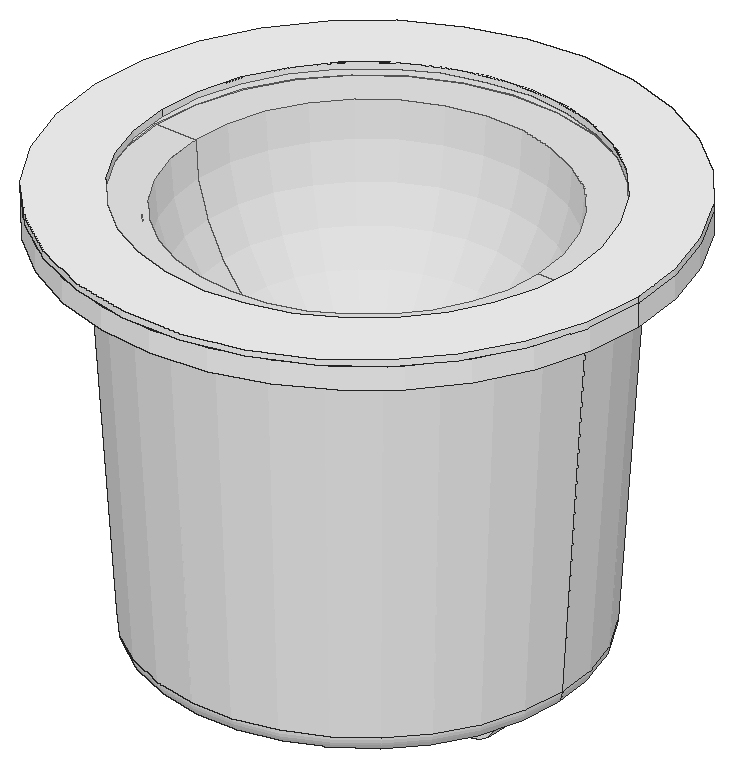
Revit family "2058857 Feilo Sylvania Lighting Fixture MYRD IP ST 2-7K DALI WHT WBEZ", category Lighting Fixtures, host Face, Revit 2017
Family settings
  Host = Face
  Round Connector Dimension = Use Diameter
  Part Type = Normal
  OmniClass Number = 23.80.70.11.17
  OmniClass Title = Specialized Lighting by Location or Use
  Cut with Voids When Loaded = No
  Light Source = Yes
  Shared = No
  Room Calculation Point = No
Parameters
  Weight = "0.44 kg"
  Wattage = 15 W
  WarrantyStartDate [instance] = "n/a"
  WarrantyGuarantorParts = "n/a"
  WarrantyDurationUnit = "n/a"
  WarrantyDurationParts = "n/a"
  WarrantyDescription = "n/a"
  built-in parameter 1150110 = 1 (stored number, unit not read)
  Voltage = 230 V
  URL = "http://www.sylvania-lighting.com"
  TypeName = "MYRD IP ST 2.7K DALI WHT WBEZ"
  Type Image = 0
  Type Comments = ""
  built-in parameter 1114217 = 1 (stored number, unit not read)
  Tilt Angle = -90°
  built-in parameter 1150109 = 1 (stored number, unit not read)
  built-in parameter 1150134 = (empty or 0)
  built-in parameter 1150113 = 1 (stored number, unit not read)
  SerialNumber [instance] = "n/a"
  Reflector Radius = Cutout Diameter / 2 - 2.5 mm  # 35.0 mm
  Reflector Material = Aluminum_Sylvania_Myriad_Bright
  Recessed Depth = Height  # 72.0 mm
  PowerFactor = 0
  PowerConsumption = "15 W"
  Photometric Web File = "2058857.ies"
  NominalWidth = 0.0 mm
  NominalLength = 76.0 mm
  NominalHeight = 72.0 mm
  Name = "MYRD IP ST 2.7K DALI WHT WBEZ"
  ModelReference = "MYRD IP ST 2.7K DALI WHT WBEZ"
  ModelNumber = "2058857"
  Material = "Aluminium"
  ManufacturerName = "Feilo Sylvania"
  LuminousEfficacy = "70 lm/W"
  LuminaireType = "Ceiling recessed"
  LightOutputRatio = "1"
  LampsType = Lamp  # "LED"
  LampNominalLuminous = "1046 lm"
  LampMacAdamStep = "n/a"
  LampColourTemperature = "2700 K"
  LampColourRenderingIndex = "n/a"
  Keynote = "16500"
  Keynote_2 = "16500"
  InstallationDate [instance] = "n/a"
  InputVoltage = "230-240V~"
  InputNominalFrequency = "50/60 Hz"
  IngressProtection = "IP65"
  ImpactProtectionIndex = "IK02"
  IfcExportType = "IfcLightFixtureType"
  IfcExportAs = "IfcLightFixtureType"
  Height = 72.0 mm  # constant formula
  ExpectedLife = 50000
  Emit from Circle Diameter = Accessory Inner Diameter 2  # 68.0 mm
  Emit Shape Visible in Rendering = no
  ElectricShockClassification = "Class II"
  DurationUnit = "hours"
  DocumentationLiterature = "http://www.sylvania-lighting.com/product/en-int/products/2058857"
  DimmingControlOptions = "Dimmable"
  Diffuser Material = Glass_Sylvania_Myriad_Clear_4000K
  Diffuser Diameter = Cutout Diameter  # 75.0 mm
  Cutout Diameter = 75.0 mm  # constant formula
  CreatedOn = "03-11-2017"
  CreatedBy = ""
  Cost = 0
  built-in parameter 1114216 [instance] = 1 (stored number, unit not read)
  Model = "MYRD IP ST 2.7K DALI WHT WBEZ"
  Manufacturer = "Feilo Sylvania"  # constant formula
  built-in parameter 1150105 = 83.556 (stored number, unit not read)
  Lumens = 1050 lm
  built-in parameter 1150115 = 1 (stored number, unit not read)
  built-in parameter 1150137 = (empty or 0)
  built-in parameter 1150139 = (empty or 0)
  built-in parameter 1150112 = 1 (stored number, unit not read)
  built-in parameter 1150114 = 1 (stored number, unit not read)
  Lamp = "LED"
  built-in parameter 1150132 = (empty or 0)
  built-in parameter 1150102 = (empty or 0)
  built-in parameter 1150107 = 2700 (stored number, unit not read)
  built-in parameter 1150138 = (empty or 0)
  built-in parameter 1150106 = 0.83556 (stored number, unit not read)
  built-in parameter 1150104 = 6.5032 (stored number, unit not read)
  Dimming Lamp Color Temperature Shift = (empty or 0)
  Description = "Supplied complete with electronic control gear Compact Fluorescent low energy downlight Emergency version passes through the cut out Ideal for low level orientation lighting New range of Architectural accessories each providing a different lit dimension New completely flush plaster up accessory ring for clean ceiling lines and smooth finish Order lamp separately"  # constant formula
  Default Elevation = 0.0 mm
  Color Filter = 16777215
  built-in parameter 1140040 [instance] = 1
  Body Radius = Reflector Radius + 1.5 mm  # 36.5 mm
  Body Material = Aluminum_Sylvania_Myriad_Gray
  BarCode [instance] = "n/a"
  built-in parameter 1114218 = 1 (stored number, unit not read)
  built-in parameter 1150133 = 10 (stored number, unit not read)
  AssetType = "Fixed"
  AssetIdentifier [instance] = "n/a"
  Assembly Code = "D5020200"
  Apparent Load = 15 VA
  Accessory Material = Aluminum_Sylvania_Myriad_White
  Accessory Inner Diameter 2 = Accessory Diameter - 22.0 mm  # 68.0 mm
  Accessory Inner Diameter 1 = Accessory Diameter - 2.0 mm  # 88.0 mm
  Accessory Diameter = Cutout Diameter + 15.0 mm  # 90.0 mm
Reference planes
  plane 1 "Center (Front/Back)": y = 0
  plane 2: z = 0
  plane 3 "Center (Left/Right)": x = 0
  plane 4: z = 2
  plane 5 "Fixture Bottom": z = 4.5
  plane 6: z = -28.5
  plane 7: z = -61.5
  plane 8 "Fixture Top": z = -67.5
  plane 9: z = 3.5
Forms (mm)
  Revolve 1, solid, material "Aluminum_Sylvania_Myriad_Bright" <- "Reflector Material", detail levels fine
    sketch origin (0, 0, 0) x (1, 0, 0) y (0, 0, 1)
      loop
        line (0, -27.515) -> (-6, -27.515)
        arc (-6, -27.515) -> (-22.333, -16.632) -> (-28.5, 2) r 30.135
        line (-28.5, 2) -> (-35, 2) -> (-35, 0) -> (-29.184, 0)
        arc (-29.184, 0) -> (-22.423, -18.18) -> (-6, -28.5) r 30.204
        line (-6, -28.5) -> (0, -28.5) -> (0, -27.515)
      axis (0, -28.5) -> (0, 2)
    angle from 0 to 360
  Revolve 2, solid, material "Aluminum_Sylvania_Myriad_Gray" <- "Body Material", detail levels fine
    sketch origin (0, 0, 0) x (1, 0, 0) y (0, 0, 1)
      loop
        line (-44, 2) -> (-44, 0) -> (-36.5, 0) -> (-32.42, -58.708)
        arc (-32.42, -58.708) -> (-31.474, -60.694) -> (-29.428, -61.5) r 3
        line (-29.428, -61.5) -> (0, -61.5) -> (0, -28.5) -> (-6, -28.5)
        arc (-6, -28.5) -> (-22.423, -18.18) -> (-29.184, 0) r 30.204
        line (-29.184, 0) -> (-35, 0) -> (-35, 2) -> (-44, 2)
      axis (0, 2) -> (0, -61.5)
    angle from 0 to 360
  Extrusion 3, solid, material "Aluminum_Sylvania_Myriad_Gray" <- "Body Material", detail levels fine
    sketch origin (0, 0, 0) x (1, 0, 0) y (0, 0, 1)
      loop
        line (-13.5, -67.5) -> (21, -67.5)
        arc (21, -67.5) -> (23.828, -66.328) -> (25, -63.5) r 4
        line (25, -63.5) -> (25, -61.5) -> (-17.5, -61.5) -> (-17.5, -63.5)
        arc (-17.5, -63.5) -> (-16.328, -66.328) -> (-13.5, -67.5) r 4
    from -4.5 to 4.5
  Extrusion 4, solid, material "Aluminum_Sylvania_Myriad_White" <- "Accessory Material", detail levels fine
    sketch origin (0, 0, 0) x (1, 0, 0) y (0, 1, 0)
      loop
        circle (0, 0) r 45
      loop
        circle (0, 0) r 44
    from 0 to 3.5
  Extrusion 5, solid, material "Aluminum_Sylvania_Myriad_White" <- "Accessory Material", detail levels fine
    sketch origin (0, 0, 0) x (1, 0, 0) y (0, 1, 0)
      loop
        circle (0, 0) r 45
      loop
        circle (0, 0) r 34
    from 3.5 to 4.5
  Extrusion 6, solid, material "Aluminum_Sylvania_Myriad_White" <- "Accessory Material", detail levels coarse+medium
    sketch origin (0, 0, 0) x (1, 0, 0) y (0, 1, 0)
      loop
        circle (0, 0) r 45
    from 0 to 4.5
  Revolve 7, solid, detail levels coarse+medium
    sketch origin (0, 0, 0) x (1, 0, 0) y (0, 0, 1)
      loop
        line (36.5, 0) -> (0, 0) -> (0, -61.5) -> (32.226, -61.5) -> (36.5, 0)
      axis (0, 0) -> (0, -61.5)
    angle from 0 to 360
  Extrusion 8, void
    sketch origin (0, 0, 0) x (1, 0, 0) y (0, 1, 0)
      loop
        circle (0, 0) r 37.5
    from -67.5 to 0
  Extrusion 9, solid, material "Glass_Sylvania_Myriad_Clear_4000K" <- "Diffuser Material", detail levels fine
    sketch origin (0, 0, 0) x (1, 0, 0) y (0, 1, 0)
      loop
        circle (0, 0) r 37.5
    from 2 to 3.5
Cuts and joins
  joined: Extrusion 4, Extrusion 5
Lines and regions (mm)
  Masking region 1
    outline origin (0, 0, 0) x (1, 0, 0) y (0, 1, 0)
      loop
        circle (0, 0) r 45
  symbolic lines
    curve 1: arc (-34, 0, 0) -> (0, 34, 0) -> (34, 0, 0) r 34
    curve 2: arc (34, 0, 0) -> (0, -34, 0) -> (-34, 0, 0) r 34
Dimensions and locks
  locked: plane 7 to plane 8 "Fixture Top" at 6
  "Body Radius": Revolve 7 sketch curve to plane 3 "Center (Left/Right)"
  locked: Revolve 7 sketch curve to Revolve 7 sketch curve at 4.274
  plane 5 "Fixture Bottom" to plane 9 to plane 4 to plane 2 to plane 6 = 1.0 mm locked, 1.5 mm locked, 2.0 mm locked, 28.5 mm locked
  "Reflector Radius": Revolve 1 sketch curve to plane 3 "Center (Left/Right)"
  Revolve 1 sketch curve to Revolve 1 sketch curve to Revolve 1 sketch curve to Revolve 1 sketch curve = 6.5 mm locked, 22.5 mm locked, 0.0 mm locked
  "Reflector Radius": plane 3 "Center (Left/Right)" to Revolve 2 sketch curve
  Revolve 2 sketch curve to Revolve 2 sketch curve to Revolve 2 sketch curve = 7.5 mm locked, 1.5 mm locked
  Revolve 2 sketch curve to Revolve 2 sketch curve to Revolve 2 sketch curve = 5.816 mm locked, 23.184 mm locked
  Revolve 2 sketch curve to Revolve 2 sketch curve to Revolve 2 sketch curve = 2.58 mm locked, 2.993 mm locked
  "Accessory Diameter": diameter of Extrusion 4 sketch curve
  "Accessory Inner Diameter 1": diameter of Extrusion 4 sketch curve
  "Accessory Diameter": diameter of Extrusion 5 sketch curve
  "Accessory Diameter": diameter of Extrusion 6 sketch curve
  "Cutout Diameter": diameter of Extrusion 8 sketch curve
  "Accessory Inner Diameter 2": diameter of Extrusion 5 sketch curve
  "Diffuser Diameter": diameter of Extrusion 9 sketch curve
  aligned and locked: plane 2 to host face
  aligned and locked: level to host face
  aligned and locked: plane 1 "Center (Front/Back)" to imposter light
  aligned and locked: plane 3 "Center (Left/Right)" to imposter light
  aligned and locked: Revolve 1 sketch curve to imposter light
  aligned and locked: Extrusion 3 sketch curve to plane 8 "Fixture Top"
  aligned and locked: plane 7 to Extrusion 3 sketch curve
  aligned and locked: Extrusion 4 to plane 2
  aligned and locked: plane 9 to Extrusion 4
  aligned and locked: Extrusion 5 to plane 9
  aligned and locked: plane 5 "Fixture Bottom" to Extrusion 5
  aligned and locked: Extrusion 6 to plane 2
  aligned and locked: plane 5 "Fixture Bottom" to Extrusion 6
  aligned and locked: Extrusion 8 to plane 8 "Fixture Top"
  aligned and locked: plane 2 to Extrusion 8
  aligned and locked: Masking region 1 sketch curve to Extrusion 6  (x2)
  aligned and locked: Extrusion 9 to plane 4
  aligned and locked: plane 9 to Extrusion 9
  aligned and locked: plane 4 to Revolve 2 sketch curve
  aligned and locked: Revolve 2 sketch curve to plane 2
  aligned and locked: curve 1 to cut or joined group of Extrusion 4, Extrusion 5
  aligned and locked: curve 2 to cut or joined group of Extrusion 4, Extrusion 5
  aligned and locked: imposter light to plane 5 "Fixture Bottom"
Automatic sketch dimensions
  host sketch curve to host sketch curve = 1305.563 mm
  host sketch curve to host sketch curve = 1283.632 mm
  Extrusion 3 sketch curve to plane 7 = 2.0 mm
  Extrusion 3 sketch curve to plane 3 "Center (Left/Right)" = 13.5 mm
  plane 3 "Center (Left/Right)" to Extrusion 3 sketch curve = 21.0 mm
  Extrusion 3 sketch curve to Extrusion 3 sketch curve = 4.0 mm
  Revolve 1 sketch curve to level = 0.0 mm
  Revolve 1 sketch curve to plane 3 "Center (Left/Right)" = 0.0 mm
  Revolve 1 sketch curve to plane 6 = 0.0 mm
  Revolve 1 sketch curve to plane 4 = 0.0 mm
  Revolve 1 sketch curve to Revolve 1 sketch curve = 0.684 mm
  level to Revolve 1 sketch curve = 0.88 mm
  Revolve 1 sketch curve to plane 4 = 0.363 mm
  Revolve 1 sketch curve to Revolve 1 sketch curve = 0.625 mm
  Revolve 1 sketch curve to plane 8 "Fixture Top" = 232.8 mm
  plane 5 "Fixture Bottom" to Revolve 1 sketch curve = 291.243 mm
  Revolve 2 sketch curve to plane 3 "Center (Left/Right)" = 0.0 mm  (x2)
  Revolve 2 sketch curve to plane 7 = 0.0 mm
  Revolve 2 sketch curve to plane 6 = 0.0 mm
  Revolve 2 sketch curve to level = 0.0 mm
  level to Revolve 2 sketch curve = 0.88 mm
  plane 7 to Revolve 2 sketch curve = 2.792 mm
  Revolve 2 sketch curve to plane 8 "Fixture Top" = 304.774 mm
  plane 5 "Fixture Bottom" to Revolve 2 sketch curve = 1137.105 mm
  Extrusion 4 sketch curve to Extrusion 4 sketch curve = 0.0 mm  (x2)
  plane 1 "Center (Front/Back)" to Extrusion 4 sketch curve = 0.0 mm
  Extrusion 4 sketch curve to plane 3 "Center (Left/Right)" = 0.0 mm
  Extrusion 5 sketch curve to Extrusion 5 sketch curve = 0.0 mm  (x2)
  plane 1 "Center (Front/Back)" to Extrusion 5 sketch curve = 0.0 mm
  Extrusion 5 sketch curve to plane 3 "Center (Left/Right)" = 0.0 mm
  plane 1 "Center (Front/Back)" to Extrusion 6 sketch curve = 0.0 mm
  Extrusion 6 sketch curve to plane 3 "Center (Left/Right)" = 0.0 mm
  Revolve 7 sketch curve to level = 0.0 mm
  Revolve 7 sketch curve to plane 3 "Center (Left/Right)" = 0.0 mm  (x2)
  Revolve 7 sketch curve to plane 7 = 0.0 mm
  Revolve 7 sketch curve to plane 8 "Fixture Top" = 304.774 mm
  plane 5 "Fixture Bottom" to Revolve 7 sketch curve = 43.226 mm
  plane 1 "Center (Front/Back)" to Extrusion 8 sketch curve = 0.0 mm
  Extrusion 8 sketch curve to plane 3 "Center (Left/Right)" = 0.0 mm
  plane 1 "Center (Front/Back)" to Extrusion 9 sketch curve = 0.0 mm
  Extrusion 9 sketch curve to plane 3 "Center (Left/Right)" = 0.0 mm
Connectors
  electrical at (-0.006, -0.019, -67.5), driven by "Apparent Load", driven by "Apparent Load"
    settings: on plane 8 "Fixture Top", index 1, voltage 230 V, apparent load 15 VA, apparent load phase1 15 VA, apparent load phase2 0 VA, apparent load phase3 0 VA, power factor 1, load classification "Lighting", number of poles 1, system type 30, power factor state 1, is connector primary yes, connector utility no, sub classification motor no, connector description ""
